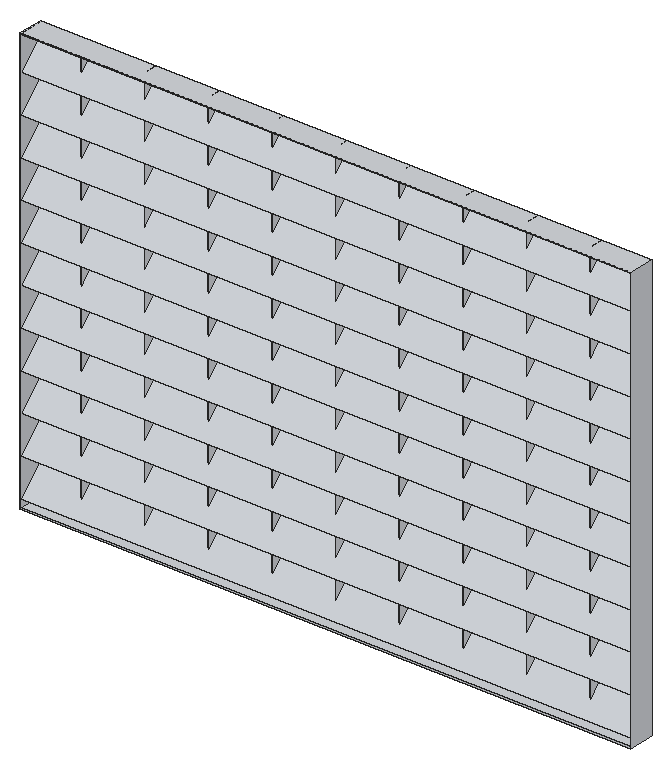
Revit family "Louver-Bloc II Screen", category Mechanical Equipment, Revit 2015
Parameters
  VBar Number [instance] = ((Exact Width / 2) - Frame Thickness) / A  # 5
  VBar Height [instance] = Exact Height - Frame Thickness * 2  # 5' - 6 3/4"
  URL = "http://unitedenertech.com/catalog/pdf/D_3%20LOUVER-BLOC%20II%20SCREEN.pdf"
  Type Comments = "Max. Single Section Sizes are (120\"w x 84\"h) or (84\"w x 120\"h)"
  Model = "Louver-Bloc II Screen"
  Manufacturer = "United Enertech Corporation"
  Keynote = "See Submittal for Max. A, B, Depth, and Thickness Values."
  HBar Width [instance] = Exact Width - Frame Thickness * 2  # 7' - 11 3/4"
  HBar Number [instance] = ((Exact Height / 2) - Frame Thickness) / B  # 6
  Frame Thickness = 0' - 0 1/8"
  Exact Width = 8' - 0"
  Exact Height = 5' - 7"
  Description = "Louver-Bloc Architectural Grille. Bar Frame Shown, consult Factory for Tube or Channel Frame Models."
  Depth = 0' - 4"
  D/2 [instance] = Depth / 2  # 0' - 2"
  Center Offset [instance] = ((tan(Blade Angle)) * Depth) / 2  # 0' - 2"
  Blade Angle = 45.00°
  B = 0' - 6"
  A = 0' - 10"
Reference planes (in)
  plane 1 "Center (Front/Back)": y = 0
  plane 2: z = 0
  plane 3 "Center (Left/Right)": x = 0
  plane 4: x = -48
  plane 5: x = 48
  plane 6: y = 2
  plane 7: y = -2
  plane 8: z = 67
  plane 9: z = 33.5
  plane 10: x = -47.875
  plane 11: x = 47.875
  plane 12: z = 0.125
  plane 13: z = 66.875
  plane 14: x = 0.0625
  plane 15: z = 31.5
Forms (in)
  Extrusion 1, solid
    sketch origin (0, 0, 0) x (1, 0, 0) y (0, 0, 1)
      loop
        line (-47.875, 66.875) -> (-47.875, 0.125) -> (47.875, 0.125) -> (47.875, 66.875) -> (-47.875, 66.875)
      loop
        line (-48, 67) -> (-48, 0) -> (48, 0) -> (48, 67) -> (-48, 67)
    from -2 to 2
Dimensions and locks (in)
  "Exact Width": plane 4 to plane 5
  "Depth": plane 6 to plane 7
  equal spacing: plane 4, plane 3 "Center (Left/Right)", plane 5
  equal spacing: plane 6, plane 1 "Center (Front/Back)", plane 7
  equal spacing: plane 8, plane 9, level
  "Exact Height": plane 8 to level
  "Frame Thickness": plane 11 to plane 5
  "Frame Thickness": plane 4 to plane 10
  "Frame Thickness": plane 12 to level
  "Frame Thickness": plane 8 to plane 13
  locked: plane 3 "Center (Left/Right)" to plane 14 at 0.0625
  equal spacing: group 1, group 2, group 3, group 13, group 14  (x3)
  "A": nested 1 to nested 2
  equal spacing: group 16, group 15, group 5, group 4, group 1
  equal spacing: group 1, group 4, group 5, group 15, group 16  (x2)
  "A": nested 4 to nested 1
  "Center Offset": plane 9 to plane 15
  equal spacing: group 6, group 7, group 8, group 9, group 17, group 19  (x3)
  "B": nested 6 to nested 7
  equal spacing: group 6, group 10, group 11, group 12, group 18, group 20  (x2)
  equal spacing: group 20, group 18, group 12, group 11, group 10, group 6
  "B": nested 10 to nested 6
  aligned and locked: level to plane 2
  aligned and locked: level to Extrusion 1 sketch curve
  aligned and locked: plane 4 to Extrusion 1 sketch curve
  aligned and locked: Extrusion 1 sketch curve to plane 5
  aligned and locked: plane 12 to Extrusion 1 sketch curve
  aligned and locked: plane 11 to Extrusion 1 sketch curve
  aligned and locked: plane 10 to Extrusion 1 sketch curve
  aligned and locked: Extrusion 1 sketch curve to plane 8
  aligned and locked: plane 13 to Extrusion 1 sketch curve
  aligned and locked: Extrusion 1 to plane 6
  aligned and locked: Extrusion 1 to plane 7
  aligned and locked: nested 1 to plane 12
  aligned and locked: plane 6 to nested 1
  aligned and locked: plane 14 to nested 1
  aligned and locked: nested 2 to nested 1
  aligned and locked: nested 1 to nested 4
  aligned and locked: nested 6 to plane 3 "Center (Left/Right)"
  aligned and locked: nested 6 to plane 15
  aligned and locked: plane 6 to nested 6
  aligned and locked: nested 7 to nested 6  (x2)
  aligned and locked: nested 6 to nested 10  (x2)
Nested families (in)
  nested 1: "VBAR" at (0.0625, 0, 0.125), type "VBAR"
    with W 0' - 0 1/8", H 5' - 6 3/4", D 0' - 2"
  nested 2: "VBAR" at (10.0625, 0, 0.125), type "VBAR"
    with W 0' - 0 1/8", H 5' - 6 3/4", D 0' - 2"
  nested 3: "VBAR" at (20.0625, 0, 0.125), type "VBAR"
    with W 0' - 0 1/8", H 5' - 6 3/4", D 0' - 2"
  nested 4: "VBAR" at (-9.9375, 0, 0.125), type "VBAR"
    with W 0' - 0 1/8", H 5' - 6 3/4", D 0' - 2"
  nested 5: "VBAR" at (-19.9375, 0, 0.125), type "VBAR"
    with W 0' - 0 1/8", H 5' - 6 3/4", D 0' - 2"
  nested 6: "HBARRR" at (0, -2, 31.5) x (-1, 0, 0) z (0, 0, 1), type "HBARRR"
    with W 7' - 11 3/4", D 0' - 4"
  nested 7: "HBARRR" at (0, -2, 37.5) x (-1, 0, 0) z (0, 0, 1), type "HBARRR"
    with W 7' - 11 3/4", D 0' - 4"
  nested 8: "HBARRR" at (0, -2, 43.5) x (-1, 0, 0) z (0, 0, 1), type "HBARRR"
    with W 7' - 11 3/4", D 0' - 4"
  nested 9: "HBARRR" at (0, -2, 49.5) x (-1, 0, 0) z (0, 0, 1), type "HBARRR"
    with W 7' - 11 3/4", D 0' - 4"
  nested 10: "HBARRR" at (0, -2, 25.5) x (-1, 0, 0) z (0, 0, 1), type "HBARRR"
    with W 7' - 11 3/4", D 0' - 4"
  nested 11: "HBARRR" at (0, -2, 19.5) x (-1, 0, 0) z (0, 0, 1), type "HBARRR"
    with W 7' - 11 3/4", D 0' - 4"
  nested 12: "HBARRR" at (0, -2, 13.5) x (-1, 0, 0) z (0, 0, 1), type "HBARRR"
    with W 7' - 11 3/4", D 0' - 4"
  nested 13: "VBAR" at (30.0625, 0, 0.125), type "VBAR"
    with W 0' - 0 1/8", H 5' - 6 3/4", D 0' - 2"
  nested 14: "VBAR" at (40.0625, 0, 0.125), type "VBAR"
    with W 0' - 0 1/8", H 5' - 6 3/4", D 0' - 2"
  nested 15: "VBAR" at (-29.9375, 0, 0.125), type "VBAR"
    with W 0' - 0 1/8", H 5' - 6 3/4", D 0' - 2"
  nested 16: "VBAR" at (-39.9375, 0, 0.125), type "VBAR"
    with W 0' - 0 1/8", H 5' - 6 3/4", D 0' - 2"
  nested 17: "HBARRR" at (0, -2, 55.5) x (-1, 0, 0) z (0, 0, 1), type "HBARRR"
    with W 7' - 11 3/4", D 0' - 4"
  nested 18: "HBARRR" at (0, -2, 7.5) x (-1, 0, 0) z (0, 0, 1), type "HBARRR"
    with W 7' - 11 3/4", D 0' - 4"
  nested 19: "HBARRR" at (0, -2, 61.5) x (-1, 0, 0) z (0, 0, 1), type "HBARRR"
    with W 7' - 11 3/4", D 0' - 4"
  nested 20: "HBARRR" at (0, -2, 1.5) x (-1, 0, 0) z (0, 0, 1), type "HBARRR"
    with W 7' - 11 3/4", D 0' - 4"
Definition of nested family "VBAR"
  Parameters (values of type "VBAR")
    W = 0' - 1"
    H = 2' - 9"
    D = 0' - 8"
  Reference planes (in)
    plane 1 "Center (Front/Back)": y = 0
    plane 2: z = 0
    plane 3 "Center (Left/Right)": x = 0
    plane 4: x = -1
    plane 5: y = 8
    plane 6: z = 33
  Forms (in)
    Extrusion 1, solid
      sketch origin (0, 0, 0) x (1, 0, 0) y (0, 1, 0)
        loop
          line (-1, 8) -> (-1, 0) -> (0, 0) -> (0, 8) -> (-1, 8)
      from 0 to 33
  Dimensions and locks (in)
    "D": plane 1 "Center (Front/Back)" to plane 5
    "W": plane 4 to plane 3 "Center (Left/Right)"
    "H": plane 6 to level
    aligned and locked: level to plane 2
    aligned and locked: Extrusion 1 sketch curve to plane 3 "Center (Left/Right)"
    aligned and locked: Extrusion 1 sketch curve to plane 5
    aligned and locked: Extrusion 1 sketch curve to plane 1 "Center (Front/Back)"
    aligned and locked: Extrusion 1 sketch curve to plane 4
    aligned and locked: plane 6 to Extrusion 1
    aligned and locked: Extrusion 1 to level
Definition of nested family "HBARRR"
  Parameters (values of type "HBARRR")
    W = 6' - 1.51353"
    D = 0' - 8"
    Angle = 45.00°
  Reference planes (in)
    plane 1 "Center (Front/Back)": y = 0
    plane 2: z = 0
    plane 3 "Center (Left/Right)": x = 0
    plane 4: y = -8
    plane 5: x = -36.75677
    plane 6: x = 36.75677
  Forms (in)
    Extrusion 1, solid
      sketch origin (0, 0, 0) x (0, 1, 0) y (0, 0, 1)
        loop
          line (0, 0) -> (-8, 8) -> (-8, 7.82322) -> (-0.17678, 0) -> (0, 0)
      from -36.75677 to 36.75677
  Dimensions and locks (in)
    "D": plane 1 "Center (Front/Back)" to plane 4
    equal spacing: plane 6, plane 3 "Center (Left/Right)", plane 5
    "W": plane 6 to plane 5
    "Angle": angle level to Extrusion 1 sketch curve
    aligned and locked: level to plane 2
    aligned and locked: Extrusion 1 sketch curve to level
    aligned and locked: plane 6 to Extrusion 1
    aligned and locked: Extrusion 1 to plane 5
  Automatic sketch dimensions
    Extrusion 1 sketch curve to plane 4 = 0' - 0"
    Extrusion 1 sketch curve to plane 1 "Center (Front/Back)" = 0' - 0"
    plane 1 "Center (Front/Back)" to Extrusion 1 sketch curve = 0' - 0.17678"
    Extrusion 1 sketch curve to Extrusion 1 sketch curve = 0' - 0.17678"
